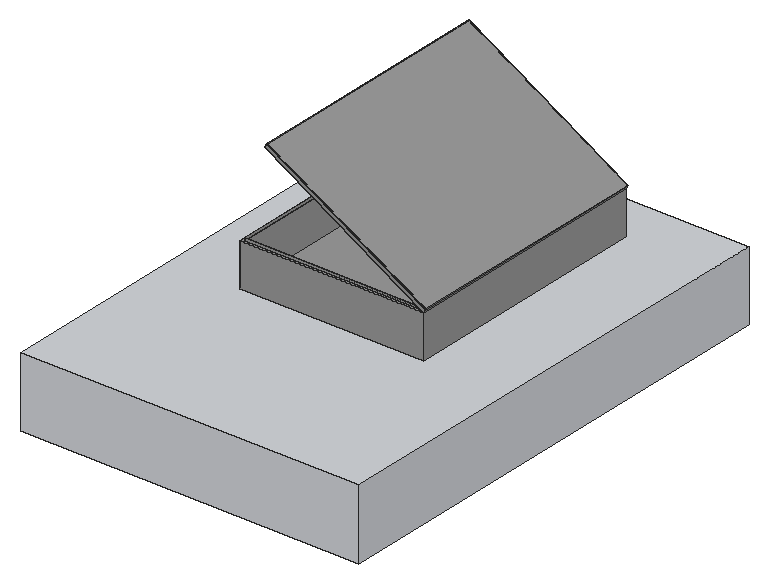
Revit family "Hager-Univers-IP54-D205-H1100-Cl.II-Encl-PL-en", category Equipement électrique, Revit 2020
Family settings
  Hôte = Face
  Configuration du panneau = Deux colonnes, circuits au sein
  Cote de connecteur circulaire = Utiliser le diamètre
  Type d'élément = Tableau de raccordement
  Couper avec des vides une fois chargée = Non
  Partagée = Non
  Point de calcul de pièce = Non
Parameters (values of type "Surface mounted (plaster) IP54 W800 H1100 D205  - FP73SW2")
  Width Control [instance] = if([EF000008 - Width] > Min Width, [EF000008 - Width], Min Width)  # 800 mm
  Commentaires du type = [HG000003 - Range]  # "Univers"
  Thickness Door [instance] = if([EF009171 - Material plate thickness door/cover] > 3 mm, 3 mm, [EF009171 - Material plate thickness door/cover])  # 1 mm
  Seal Frame Offset [instance] = 17 mm  # constant formula
  Plinth Visibility [instance] = [HG000027 - Plinth height] > 0 mm  # no
  Model = ""
  Min Width [instance] = 100 mm  # constant formula
  Min Height [instance] = 100 mm  # constant formula
  Min Depth [instance] = (2 * [EF009170 - Material plate thickness cabinet]) + 1 mm  # 3 mm
  Internal Frame Depth [instance] = (Door System Depth * 0.5)  # 9 mm
  Height Control [instance] = if([EF000040 - Height] > Min Height, [EF000040 - Height], Min Height)  # 1100 mm
  HG000027 - Plinth height = 0 mm
  HG000026 - Floor standing = no
  HG000024 - Bottom section height = 800 mm
  HG000023 - Double section enclosure = no
  HG000016 - Door 3d visibility [instance] = yes
  HG000015 - Clearance visibility [instance] = no
  HG000014 - Door on the right [instance] = yes
  HG000013 - Door on the left [instance] = not([HG000014 - Door on the right])  # no
  HG000012 - Door swing angle [instance] = 30.00°
  HG000010 - Asymmetric doors = no
  HG000009 - Double swing door = no
  HG000006 - Flush mounted = no
  HG000004 - Manufacturer reference = "FP73SW2"
  HG000003 - Range = "Univers"
  HG000002 - With door or cover = yes
  Frame Offset Bottom [instance] = 10 mm  # constant formula
  Frame Offset [instance] = 15 mm  # constant formula
  EF015940 - Cover with overpressure release = no
  EF011959 - Degree of protection (NEMA) = ""
  EF009554 - Number of openings for flange plates = 6
  EF009212 - Cover model = "EV000116 - Closed"
  EF009171 - Material plate thickness door/cover = 1 mm
  EF009170 - Material plate thickness cabinet = 1 mm
  Fabricant = "Hager"  # constant formula
  EF008873 - Nominal current (In) = 250 A
  EF007800 - Suitable for lightning protection = no
  EF006306 - With lock = no
  EF006244 - Transparent cover/door = no
  EF005474 - Degree of protection (IP) = "EV006419 - IP54"
  EF004464 - Type of door = "EV002646 - Single"
  EF004427 - Number of modules = 252
  EF004293 - Impact strength = "EV006815 - IK09"
  EF003532 - Suitable for outdoor use = no
  EF002950 - Width in number of modular spacings = 36
  EF001613 - Circuit integrity = "EV000494 - None"
  EF001596 - Material housing = "EV000179 - Steel"
  EF001131 - Internal depth = 130 mm
  EF001088 - Extension possible = yes
  EF000437 - Number of conduit inlets = 6
  EF000339 - Type of cover = "EV004216 - Door"
  EF000266 - Number of rows = 7
  EF000218 - Built-in depth = 205 mm
  EF000118 - With mounting plate = no
  EF000116 - RAL-number = "9010"
  EF000049 - Depth = 205 mm
  EF000040 - Height = 1100 mm
  EF000008 - Width = 800 mm
  EF000007 - Colour = "EV000202 - White"
  EF000003 - Mounting method = "EV000384 - Surface mounted (plaster)"
  Door System Leaf Tolerance [instance] = 1.5 mm  # constant formula
  Door System Depth [instance] = 18 mm  # constant formula
  Door Height [instance] = Height Control - [HG000027 - Plinth height]  # 1100 mm
  Depth Control [instance] = if([EF000049 - Depth] > Min Depth, [EF000049 - Depth], Min Depth)  # 205 mm
  Default Elevation = 0 mm
  Connector Offset [instance] = Height Control / 2  # 550 mm
  Bottom Top Plate Trim [instance] = 1.5 mm  # constant formula
  Plinth height Ctrl [instance] = if([HG000027 - Plinth height] > 0 mm, [HG000027 - Plinth height], 12 mm)  # 12 mm
Types (5, lengths in mm): name | Width Control | HG000010 - Asymmetric doors | HG000009 - Double swing door | HG000004 - Manufacturer reference | EF009554 - Number of openings for flange plates | EF004464 - Type of door | EF004427 - Number of modules | EF002950 - Width in number of modular spacings | EF000437 - Number of conduit inlets | EF000008 - Width
  Surface mounted (plaster) IP54 W1050 H1100 D205  - FP74SW2 | 1050 | no | yes | "FP74SW2" | 8 | "EV003602 - Double" | 336 | 48 | 8 | 1050
  Surface mounted (plaster) IP54 W1300 H1100 D205  - FP75SW2 | 1300 | yes | yes | "FP75SW2" | 10 | "EV003602 - Double" | 420 | 60 | 10 | 1300
  Surface mounted (plaster) IP54 W300 H1100 D205  - FP71SW2 | 300 | no | no | "FP71SW2" | 2 | "EV002646 - Single" | 84 | 12 | 2 | 300
  Surface mounted (plaster) IP54 W550 H1100 D205  - FP72SW2 | 550 | no | no | "FP72SW2" | 4 | "EV002646 - Single" | 168 | 24 | 4 | 550
  Surface mounted (plaster) IP54 W800 H1100 D205  - FP73SW2 | 800 | no | no | "FP73SW2" | 6 | "EV002646 - Single" | 252 | 36 | 6 | 800
Reference planes
  plane 1 "Center (Front/Back)": y = 0
  plane 2: z = 0
  plane 3 "Center (Left/Right)": x = 0
  plane 4: z = 205
  plane 5: y = 1
  plane 6: y = 550
  plane 7: y = 0
  plane 8: y = 1100
  plane 9: z = 0
  plane 10: x = -385
  plane 11: x = 385
  plane 12: x = 384
  plane 13: x = -384
  plane 14: y = 1099
  plane 15: x = -383
  plane 16: x = -400
  plane 17: x = 383
  plane 18: x = 400
  plane 19: x = 399
  plane 20: x = -399
  plane 21: y = 11
  plane 22: y = 1100
  plane 23: y = 1084
  plane 24: z = 187
  plane 25: z = 1
  plane 26: z = 186
  plane 27: z = 204
Forms (mm)
  Extrusion 1, solid
    sketch origin (0, 0, 0) x (1, 0, 0) y (0, 1, 0)
      loop
        line (-702.964, 1305) -> (-702.964, -811.445) -> (766.763, -811.445) -> (766.763, 1305) -> (-702.964, 1305)
    from 0 to -304.8
  Extrusion 2, solid, material "Hager_Steel_RAL7035_Light_Grey", visible <- "Plinth Visibility", detail levels medium+fine
    sketch origin (0, 0, 0) x (1, 0, 0) y (0, 1, 0)
      loop
        line (-400, 0) -> (400, 0) -> (400, 12) -> (-400, 12) -> (-400, 0)
    from 0 to 187
  Extrusion 3, solid, material "Hager_Steel_RAL7035_Light_Grey", detail levels medium+fine
    sketch origin (0, 0, 0) x (1, 0, 0) y (0, 1, 0)
      loop
        line (-400, 0) -> (400, 0) -> (400, 1100) -> (-400, 1100) -> (-400, 0)
    from 0 to 187
  Extrusion 4, void
    sketch origin (0, 0, 0) x (1, 0, 0) y (0, 1, 0)
      loop
        line (-399, 1) -> (399, 1) -> (399, 1099) -> (-399, 1099) -> (-399, 1)
    from 1 to 186
  Extrusion 5, void
    sketch origin (-381.607, -4572, 187) x (0, -1, 0) y (-1, 0, 0)
      loop
        line (-4583, 2.393) -> (-5656, 2.393) -> (-5656, -765.607) -> (-4583, -765.607) -> (-4583, 2.393)
    from 0 to 1 <- "EF009170 - Material plate thickness cabinet"
  Extrusion 6, solid, material "Hager_Steel_RAL7035_Light_Grey", detail levels fine
    sketch origin (0, 0, 187) x (1, 0, 0) y (0, 1, 0)
      loop
        line (-384, 1084) -> (-384, 11) -> (384, 11) -> (384, 1084) -> (-384, 1084)
      loop
        line (-385, 10) -> (385, 10) -> (385, 1085) -> (-385, 1085) -> (-385, 10)
    from 0 to 9 <- "Internal Frame Depth"
  Extrusion 7, solid, material "Hager_Steel_RAL7035_Light_Grey", detail levels coarse
    sketch origin (0, 0, 0) x (1, 0, 0) y (0, 1, 0)
      loop
        line (-400, 0) -> (400, 0) -> (400, 1100) -> (-400, 1100) -> (-400, 0)
    from 0 to 205
  Sweep 8, void
    path in 3D
      loop
        line (-400, 12, 0) -> (400, 12, 0) -> (400, 12, 187) -> (-400, 12, 187) -> (-400, 12, 0)
    profile origin (-400, 12, 93.5) x (-1, 0, 0) y (0, -1, 0)
      loop
        line (0, 0) -> (0, 1.5) -> (-1.5, 1.5)
        arc (-1.5, 1.5) -> (-1.061, 0.439) -> (0, 0) r 1.5
Cuts and joins
  Extrusion 4, Extrusion 5 cuts Extrusion 3
  Sweep 8 cuts Extrusion 2
Lines and regions (mm)
  Masking region 1
    outline origin (0, 0, 0) x (1, 0, 0) y (0, 0, 1)
      loop
        line (-400, 205) -> (-400, 0) -> (400, 0) -> (400, 205) -> (-400, 205)
  Masking region 2, detail levels medium+fine
    outline origin (0, 140, 0) x (0, 1, 0) y (0, 0, 1)
      loop
        line (-140, 0) -> (960, 0) -> (960, 187) -> (-140, 187) -> (-140, 0)
  Masking region 3, not visible, detail levels medium+fine
    outline origin (0, 297.922, 0) x (0, 1, 0) y (0, 0, 1)
      loop
        line (263.578, 0) -> (303.578, 0) -> (303.578, 194)
        arc (303.578, 194) -> (300.649, 201.071) -> (293.578, 204) r 10
        line (293.578, 204) -> (263.578, 204) -> (263.578, 0)
  Masking region 4, detail levels coarse
    outline origin (0, 0, 180) x (0, 1, 0) y (0, 0, 1)
      loop
        line (0, -180) -> (1100, -180) -> (1100, 25) -> (0, 25) -> (0, -180)
  Masking region 5, visible <- "Plinth Visibility", detail levels medium+fine
    outline origin (0, 52.24, 12.345) x (0, 0, -1) y (0, 1, 0)
      loop
        line (10.845, -40.24) -> (-173.155, -40.24)
        arc (-173.155, -40.24) -> (-173.594, -41.301) -> (-174.655, -41.74) r 1.5
        line (-174.655, -41.74) -> (-174.655, -52.24) -> (12.345, -52.24) -> (12.345, -41.74)
        arc (12.345, -41.74) -> (11.285, -41.301) -> (10.845, -40.24) r 1.5
  Masking region 6, detail levels medium+fine
    outline origin (-381.607, -4572, 187) x (-1, 0, 0) y (0, -1, 0)
      loop
        line (18.393, -5672) -> (18.393, -4572) -> (-781.607, -4572) -> (-781.607, -5672) -> (18.393, -5672)
  Masking region 7, visible <- "Plinth Visibility", detail levels medium+fine
    outline origin (-381.607, -4727, 187) x (-1, 0, 0) y (0, -1, 0)
      loop
        arc (16.893, -4739) -> (17.332, -4737.939) -> (18.393, -4737.5) r 1.5
        line (18.393, -4737.5) -> (18.393, -4727) -> (-781.607, -4727) -> (-781.607, -4737.5)
        arc (-781.607, -4737.5) -> (-780.546, -4737.939) -> (-780.107, -4739) r 1.5
        line (-780.107, -4739) -> (16.893, -4739)
  Masking region 8, detail levels coarse
    outline origin (-442.548, -4669.526, 187) x (-1, 0, 0) y (0, -1, 0)
      loop
        line (-42.548, -5769.526) -> (-42.548, -4669.526) -> (-842.548, -4669.526) -> (-842.548, -5769.526) -> (-42.548, -5769.526)
  sketch lines
    curve 1: line (-400, 12, 187) -> (-400, 12, 0)
    curve 2: line (400, 12, 187) -> (-400, 12, 187)
    curve 3: line (400, 12, 187) -> (400, 12, 0)
    curve 4: line (-400, 12, 0) -> (400, 12, 0)
Dimensions and locks
  "Depth Control": plane 4 to Extrusion 1
  "HG000027 - Plinth height": plane 1 "Center (Front/Back)" to plane 7
  "EF009170 - Material plate thickness cabinet": plane 5 to plane 7
  locked: connector elem to plane 3 "Center (Left/Right)"
  equal spacing: plane 8, plane 6, plane 7
  locked: connector elem to plane 6
  "EF009170 - Material plate thickness cabinet": plane 8 to plane 14
  "EF009170 - Material plate thickness cabinet": plane 10 to plane 13
  "EF009170 - Material plate thickness cabinet": plane 12 to plane 11
  "Frame Offset": plane 20 to plane 13
  "Frame Offset": plane 12 to plane 19
  "EF009170 - Material plate thickness cabinet": plane 16 to plane 20
  "EF009170 - Material plate thickness cabinet": plane 19 to plane 18
  "Seal Frame Offset": plane 16 to plane 15
  "Seal Frame Offset": plane 17 to plane 18
  "Frame Offset Bottom": plane 21 to plane 5
  "Frame Offset": plane 14 to plane 23
  equal spacing: plane 16, plane 3 "Center (Left/Right)", plane 18
  "Width Control": plane 16 to plane 18
  "EF009170 - Material plate thickness cabinet": plane 4 to plane 27
  "EF009170 - Material plate thickness cabinet": plane 24 to plane 26
  "EF009170 - Material plate thickness cabinet": plane 25 to level
  "Door System Depth": plane 4 to plane 24
  "Height Control": plane 1 "Center (Front/Back)" to Extrusion 7 sketch curve
  "Height Control": Masking region 4 sketch curve to plane 1 "Center (Front/Back)"
  "Height Control": plane 1 "Center (Front/Back)" to plane 22
  "Bottom Top Plate Trim": profile plane to Sweep 8 sketch curve
  "Bottom Top Plate Trim": Sweep 8 sketch curve to profile plane
  "Plinth height Ctrl": plane 1 "Center (Front/Back)" to Extrusion 2 sketch curve
  "Plinth height Ctrl": Masking region 5 sketch curve to plane 1 "Center (Front/Back)"
  "Plinth height Ctrl": plane 1 "Center (Front/Back)" to Masking region 7 sketch curve
  "Thickness Door": Extrusion 6 sketch curve to Extrusion 6 sketch curve  (x3)
  "Thickness Door": cut or joined group of Extrusion 3, Extrusion 4, Extrusion 5 to Extrusion 6 sketch curve
  radius of Masking region 3 sketch curve = 10 mm
  "Bottom Top Plate Trim": radius of Masking region 5 sketch curve  (x2)
  "Bottom Top Plate Trim": radius of Sweep 8 sketch curve
  "Bottom Top Plate Trim": radius of Masking region 7 sketch curve  (x2)
  aligned and locked: plane 2 to Extrusion 1
  aligned and locked: level to Extrusion 1
  aligned and locked: level to Masking region 1 sketch curve
  aligned and locked: Masking region 1 sketch curve to plane 18
  aligned and locked: Masking region 1 sketch curve to plane 16
  aligned and locked: plane 7 to Masking region 2 sketch curve
  aligned and locked: level to Masking region 3 sketch curve
  aligned and locked: Masking region 3 sketch curve to plane 27
  aligned and locked: level to Masking region 2 sketch curve
  aligned and locked: plane 1 "Center (Front/Back)" to Extrusion 2 sketch curve
  aligned and locked: Extrusion 3 sketch curve to plane 7
  aligned and locked: plane 16 to Extrusion 3 sketch curve
  aligned and locked: plane 18 to Extrusion 3 sketch curve
  aligned and locked: plane 20 to Extrusion 4 sketch curve
  aligned and locked: plane 19 to Extrusion 4 sketch curve
  aligned and locked: Extrusion 4 sketch curve to plane 5
  aligned and locked: Extrusion 4 to plane 25
  aligned and locked: plane 26 to Extrusion 4
  aligned and locked: plane 24 to Extrusion 3
  aligned and locked: Extrusion 5 sketch curve to plane 21
  aligned and locked: Extrusion 5 sketch curve to plane 13
  aligned and locked: Extrusion 5 sketch curve to plane 12
  aligned and locked: plane 18 to Extrusion 7 sketch curve
  aligned and locked: plane 1 "Center (Front/Back)" to Extrusion 7 sketch curve
  aligned and locked: plane 16 to Extrusion 7 sketch curve
  aligned and locked: plane 4 to Extrusion 7
  aligned and locked: Extrusion 7 to level
  aligned and locked: level to Masking region 4 sketch curve
  aligned and locked: Masking region 4 sketch curve to plane 1 "Center (Front/Back)"
  aligned and locked: Masking region 4 sketch curve to plane 4
  aligned and locked: nested 1 to level
  aligned and locked: nested 1 to plane 16
  aligned and locked: plane 8 to Extrusion 3 sketch curve
  aligned and locked: plane 23 to Extrusion 5 sketch curve
  aligned and locked: plane 14 to Extrusion 4 sketch curve
  aligned and locked: Masking region 2 sketch curve to plane 8
  aligned and locked: level to Masking region 5 sketch curve
  aligned and locked: plane 16 to Extrusion 2 sketch curve
  aligned and locked: plane 18 to Extrusion 2 sketch curve
  aligned and locked: Masking region 5 sketch curve to plane 24
  aligned and locked: Masking region 2 sketch curve to plane 24
  aligned and locked: plane 24 to Extrusion 2
  aligned and locked: profile plane to Sweep 8 sketch curve  (x2)
  aligned and locked: Masking region 6 sketch curve to plane 18
  aligned and locked: Masking region 6 sketch curve to plane 22
  aligned and locked: Masking region 6 sketch curve to plane 16
  aligned and locked: plane 8 to plane 22
  aligned and locked: Masking region 6 sketch curve to plane 7
  aligned and locked: Masking region 7 sketch curve to plane 16
  aligned and locked: Masking region 7 sketch curve to plane 1 "Center (Front/Back)"
  aligned and locked: Masking region 7 sketch curve to plane 18
  aligned and locked: Masking region 8 sketch curve to plane 1 "Center (Front/Back)"
  aligned and locked: Masking region 8 sketch curve to plane 18
  aligned and locked: Masking region 8 sketch curve to plane 22
  aligned and locked: Masking region 8 sketch curve to plane 16
  aligned and locked: nested 2 to plane 7
  aligned and locked: plane 3 "Center (Left/Right)" to nested 2
  aligned and locked: nested 2 to plane 24
  aligned and locked: Extrusion 6 sketch curve to cut or joined group of Extrusion 3, Extrusion 4, Extrusion 5  (x4)
Automatic sketch dimensions
  Extrusion 1 sketch curve to Extrusion 1 sketch curve = 1469.727 mm
  Extrusion 1 sketch curve to Extrusion 1 sketch curve = 2116.445 mm
  Masking region 1 sketch curve to plane 4 = 0 mm
  plane 6 to Masking region 3 sketch curve = 11.5 mm
  Masking region 3 sketch curve to Masking region 3 sketch curve = 30 mm
  Masking region 5 sketch curve to plane 1 "Center (Front/Back)" = 0 mm
Nested families
  nested 1: "Hager_Enclosure_Symbol" at (-400, 0, 0) x (1, 0, 0) z (0, -1, 0), Height <- "Depth Control", Width <- "Width Control", type "Hager_Enclosure_Symbol"
    with Width_Ctrl 800 mm, Width 800 mm, Height_Ctrl 205 mm, Height 205 mm, A_Width_Int 13.453 mm, A_Width 161.438 mm, A_Height_Ctrl 179.375 mm, A_Height 179.375 mm
  nested 2: "EC000058_Univers_Door" at (0, 0, 187) x (1, 0, 0) z (0, 1, 0), Leaf_Tolerance <- "Door System Leaf Tolerance", Angle <- "HG000012 - Door swing angle", Door_Depth <- "Door System Depth", Door_Left <- "HG000013 - Door on the left", Transparent <- "EF006244 - Transparent cover/door", Assymetrical <- "HG000010 - Asymmetric doors", Width <- "Width Control", Clearance <- "HG000015 - Clearance visibility", Double <- "HG000009 - Double swing door", 3d_Door <- "HG000016 - Door 3d visibility", Lock_Visibility <- "EF006306 - With lock", Width_Ctrl <- "Width Control", Door_Right <- "HG000014 - Door on the right", Door <- "HG000002 - With door or cover", Height <- "Door Height", Thickness <- "Thickness Door", type "EC000058_Univers_Door", detail levels medium+fine
    with min_wh 3 mm, Width_Ctrl 800 mm, Width 800 mm, Transparent no, Thickness 1 mm, Seal_Material Hager_Rubber, Lock_Visibility no, Lock_Material Hager_Plastic_RAL9005_Jet_Black, Leaf_Width 800 mm, Leaf_Tolerance_External_Sides 0 mm, Leaf_Tolerance 1.5 mm, Leaf_Offset 0 mm, Leaf_Height 1097 mm, Leaf_2_Width 800 mm, Leaf_2_Offset 400 mm, Leaf_1_Width 800 mm, Leaf_1_Offset 400 mm, Height_Ctrl 1100 mm, Height 1100 mm, Glass_Material Hager_Glass, Double_Clearance_Ctrl no, Double no, Door_Right_Ctrl yes, Door_Right yes, Door_Material Hager_Steel_RAL7035_Light_Grey, Door_Left_Ctrl no, Door_Left no, Door_Depth 18 mm, Door yes, Clearance_Material Hager_Clearance, Clearance_Depth 800 mm, Clearance_Ctrl no, Clearance no, Assymetrical no, Angle 30.00°, 3d_Door yes
Connectors
  electrical at (0, 550, 0)
    settings: on plane 9, index 1, voltage 0 V, apparent load 0 VA, apparent load phase1 0 VA, apparent load phase2 0 VA, apparent load phase3 0 VA, power factor 1, load classification "Other", number of poles 1, system type 30, power factor state 1, is connector primary yes, connector utility no, sub classification motor no, connector description ""
Definition of nested family "EC000058_Univers_Door"
  Parameters (values of type "EC000058_Univers_Door")
    min_wh [instance] = (2 * Thickness) + 1 mm  # 11 mm
    Width_Ctrl [instance] = 400 mm
    Width [instance] = 500 mm
    Transparent [instance] = yes
    Thickness [instance] = 5 mm
    Seal_Material [instance] = none
    Lock_Visibility [instance] = yes
    Lock_Material [instance] = none
    Leaf_Width [instance] = if((Width_Ctrl - 2 * Leaf_Tolerance_External_Sides) > 0 mm, (Width_Ctrl - 2 * Leaf_Tolerance_External_Sides), min_wh)  # 400 mm
    Leaf_Tolerance_External_Sides [instance] = 0 mm  # constant formula
    Leaf_Tolerance [instance] = 1.5 mm
    Leaf_Offset [instance] = 0 mm  # constant formula
    Leaf_Height [instance] = if((Height_Ctrl - 2 * Leaf_Tolerance) > 0 mm, (Height_Ctrl - 2 * Leaf_Tolerance), min_wh)  # 497 mm
    Leaf_2_Width [instance] = if(and(and(Double, Assymetrical), Door_Left), (Leaf_Width / 3) - (Leaf_Tolerance / 2), if(and(and(Double, Assymetrical), Door_Right), (Leaf_Width / 3) * 2 - (Leaf_Tolerance / 2), if(and(Double, not(Assymetrical)), (Leaf_Width / 2) - Leaf_Tolerance, Leaf_Width)))  # 400 mm
    Leaf_2_Offset [instance] = if(and(Double, Assymetrical), Leaf_2_Width / 2, if(and(Double, not(Assymetrical)), Leaf_Width / 4, Leaf_Width / 2))  # 200 mm
    Leaf_1_Width [instance] = if(and(and(Double, Assymetrical), Door_Right), (Leaf_Width / 3) - (Leaf_Tolerance / 2), if(and(and(Double, Assymetrical), Door_Left), (Width / 3) * 2 - (Leaf_Tolerance / 2), if(and(Double, not(Assymetrical)), (Leaf_Width / 2) - Leaf_Tolerance, Leaf_Width)))  # 400 mm
    Leaf_1_Offset [instance] = if(and(Double, Assymetrical), Leaf_1_Width / 2, if(and(Double, not(Assymetrical)), Leaf_Width / 4, Leaf_Width / 2))  # 200 mm
    Height_Ctrl [instance] = if(Height > min_wh, Height, min_wh)  # 500 mm
    Height [instance] = 500 mm
    Glass_Material [instance] = none
    Double_Clearance_Ctrl [instance] = and(Double, Clearance)  # no
    Double [instance] = no
    Door_Right_Ctrl [instance] = and(or(Door_Right, Double), Door)  # yes
    Door_Right [instance] = yes
    Door_Material [instance] = none
    Door_Left_Ctrl [instance] = and(or(Door_Left, Double), Door)  # no
    Door_Left [instance] = no
    Door_Depth [instance] = 30 mm
    Door [instance] = yes
    Default Elevation = 1219.2 mm
    Clearance_Material [instance] = none
    Clearance_Depth [instance] = if(Leaf_1_Width > Leaf_2_Width, Leaf_1_Width, Leaf_2_Width)  # 400 mm
    Clearance_Ctrl [instance] = and(not(Double), Clearance)  # yes
    Clearance [instance] = yes
    Assymetrical [instance] = yes
    Angle [instance] = 30.00°
    3d_Door [instance] = yes
  Reference planes
    plane 1 "Center (Front/Back)": y = 0
    plane 2 "Bottom": z = 0
    plane 3 "Center (Left/Right)": x = 0
    plane 4: z = 500
    plane 5: x = -200
    plane 6: x = 200
    plane 7: z = 500
    plane 8: x = -200
    plane 9: z = 0
    plane 10: x = 200
    plane 11: y = 0
    plane 12: z = 1.5
    plane 13: x = -600
    plane 14: y = -400
    plane 15: x = 600
    plane 16: x = 0
    plane 17: x = 0
    plane 18: x = -200
    plane 19: x = 200
    plane 20: z = 498.5
  Forms (mm)
    Extrusion 1, solid, material <- "Clearance_Material", visible <- "Double_Clearance_Ctrl"
      sketch origin (1200, 0, 0) x (1, 0, 0) y (0, 0, -1)
        loop
          line (-1800, -498.5) -> (-600, -498.5) -> (-600, 0) -> (-1800, 0) -> (-1800, -498.5)
      from 0 to -400
  Dimensions and locks
    equal spacing: plane 5, plane 3 "Center (Left/Right)", plane 6
    "Width_Ctrl": plane 5 to plane 6
    "Leaf_Offset": plane 5 to plane 8
    "Leaf_Offset": plane 6 to plane 10
    "Leaf_Offset": plane 9 to level
    "Leaf_Offset": plane 4 to plane 7
    "Height_Ctrl": plane 4 to level
    "Leaf_Tolerance": plane 12 to plane 9
    locked: plane 11 to plane 1 "Center (Front/Back)"
    "Leaf_1_Offset": plane 18 to plane 16
    "Leaf_2_Offset": plane 17 to plane 19
    "Leaf_1_Width": plane 13 to plane 8
    "Leaf_2_Width": plane 10 to plane 15
    "Clearance_Depth": plane 14 to plane 1 "Center (Front/Back)"
    "Leaf_Tolerance_External_Sides": plane 8 to plane 18
    "Leaf_Tolerance_External_Sides": plane 19 to plane 10
    "Leaf_Tolerance": plane 7 to plane 20
    aligned and locked: level to plane 2 "Bottom"
    aligned and locked: nested 1 to plane 16
    aligned and locked: nested 2 to plane 17
    aligned and locked: Extrusion 1 to plane 13
    aligned and locked: plane 15 to Extrusion 1
    aligned and locked: Extrusion 1 to plane 14
    aligned and locked: plane 12 to nested 1
    aligned and locked: nested 2 to plane 12
    aligned and locked: Extrusion 1 to plane 11
    aligned and locked: plane 20 to Extrusion 1
    aligned and locked: nested 2 to plane 11
    aligned and locked: nested 1 to plane 11
  Automatic sketch dimensions
    Extrusion 1 sketch curve to level = 0 mm
    plane 5 to Extrusion 1 sketch curve = 400 mm
    plane 6 to Extrusion 1 sketch curve = 400 mm
    Extrusion 1 sketch curve to plane 4 = 1.5 mm
  Nested families
    nested 1: "EC000058_Univers_Door_Leaf" at (0, 0, 1.5), Width <- "Leaf_1_Width", visible <- "Door_Left_Ctrl", Leaf_Height <- "Leaf_Height", Angle <- "Angle", 3d_Door <- "3d_Door", Transparent <- "Transparent", Clearance Material <- "Clearance_Material", Clearance <- "Clearance_Ctrl", Door_Material <- "Door_Material", Glass_Material <- "Glass_Material", Door_Depth <- "Door_Depth", Lock_Material <- "Lock_Material", Seal_Material <- "Seal_Material", Lock_Visibility <- "Lock_Visibility", Thickness <- "Thickness", type "EC000058_Univers_Door_Leaf"
      with Width 400 mm, Transparent_Glass_Offset 30 mm, Transparent_Ctrl yes, Transparent yes, Thickness 5 mm, Standard no, Seal_Material none, Seal_D2 8 mm, Seal_D1 1 mm, Offset_Internal_Frame 10 mm, Lock_Width 20 mm, Lock_Visibility_3d yes, Lock_Visibility yes, Lock_Thickness_3 3 mm, Lock_Thickness_2 1 mm, Lock_Thickness_1 3 mm, Lock_Radius_Offset_2 16 mm, Lock_Radius_Offset_1 15 mm, Lock_Radius_2 5 mm, Lock_Radius 6 mm, Lock_Offset 5 mm, Lock_Material none, Lock_Height 80 mm, Lock_Cover_Top_Offset_2d 17 mm, Lock_Cover_Height -65 mm, Leaf_Height 497 mm, Internal_Seal_Thickness 8 mm, Internal_Seal_Depth_2 4.5 mm, Internal_Frame_Depth 25 mm, Glass_Thickness -1 mm, Glass_Offset -2 mm, Glass_Material none, Door_Material none, Door_Depth 30 mm, Clearance Material none, Clearance yes, Angle_Ctrl 30.00°, Angle 30.00°, 3d_Door yes
    nested 2: "EC000058_Univers_Door_Leaf" at (0, 0, 1.5) x (-1, 0, 0) z (0, 0, 1), Width <- "Leaf_2_Width", visible <- "Door_Right_Ctrl", Leaf_Height <- "Leaf_Height", Angle <- "Angle", 3d_Door <- "3d_Door", Transparent <- "Transparent", Clearance Material <- "Clearance_Material", Clearance <- "Clearance_Ctrl", Door_Material <- "Door_Material", Glass_Material <- "Glass_Material", Door_Depth <- "Door_Depth", Lock_Material <- "Lock_Material", Seal_Material <- "Seal_Material", Lock_Visibility <- "Lock_Visibility", Thickness <- "Thickness", type "EC000058_Univers_Door_Leaf"
      with Width 400 mm, Transparent_Glass_Offset 30 mm, Transparent_Ctrl yes, Transparent yes, Thickness 5 mm, Standard no, Seal_Material none, Seal_D2 8 mm, Seal_D1 1 mm, Offset_Internal_Frame 10 mm, Lock_Width 20 mm, Lock_Visibility_3d yes, Lock_Visibility yes, Lock_Thickness_3 3 mm, Lock_Thickness_2 1 mm, Lock_Thickness_1 3 mm, Lock_Radius_Offset_2 16 mm, Lock_Radius_Offset_1 15 mm, Lock_Radius_2 5 mm, Lock_Radius 6 mm, Lock_Offset 5 mm, Lock_Material none, Lock_Height 80 mm, Lock_Cover_Top_Offset_2d 17 mm, Lock_Cover_Height -65 mm, Leaf_Height 497 mm, Internal_Seal_Thickness 8 mm, Internal_Seal_Depth_2 4.5 mm, Internal_Frame_Depth 25 mm, Glass_Thickness -1 mm, Glass_Offset -2 mm, Glass_Material none, Door_Material none, Door_Depth 30 mm, Clearance Material none, Clearance yes, Angle_Ctrl 30.00°, Angle 30.00°, 3d_Door yes
  Definition of nested family "EC000058_Univers_Door_Leaf"
    Parameters (values of type "EC000058_Univers_Door_Leaf")
      Width [instance] = 2000 mm
      Transparent_Glass_Offset [instance] = 30 mm
      Transparent_Ctrl [instance] = and(Transparent, [3d_Door])  # yes
      Transparent [instance] = yes
      Thickness [instance] = 5 mm
      Standard [instance] = and(not(Transparent), [3d_Door])  # no
      Seal_Material [instance] = none
      Seal_D2 [instance] = 8 mm  # constant formula
      Seal_D1 [instance] = 1 mm  # constant formula
      Offset_Internal_Frame [instance] = 10 mm  # constant formula
      Lock_Width [instance] = 20 mm  # constant formula
      Lock_Visibility_3d [instance] = and(Lock_Visibility, [3d_Door])  # yes
      Lock_Visibility [instance] = yes
      Lock_Thickness_3 [instance] = 3 mm  # constant formula
      Lock_Thickness_2 [instance] = 1 mm  # constant formula
      Lock_Thickness_1 [instance] = 3 mm  # constant formula
      Lock_Radius_Offset_2 [instance] = Lock_Radius_Offset_1 + 1 mm  # 16 mm
      Lock_Radius_Offset_1 [instance] = 15 mm  # constant formula
      Lock_Radius_2 [instance] = Lock_Radius - 1 mm  # 5 mm
      Lock_Radius [instance] = 6 mm  # constant formula
      Lock_Offset [instance] = 5 mm  # constant formula
      Lock_Material [instance] = none
      Lock_Height [instance] = 80 mm  # constant formula
      Lock_Cover_Top_Offset_2d [instance] = Lock_Radius_Offset_2 + 1 mm  # 17 mm
      Lock_Cover_Height [instance] = -(Lock_Height - Lock_Radius_Offset_1)  # -65 mm
      Leaf_Height [instance] = 2720.336 mm
      Internal_Seal_Thickness [instance] = 8 mm  # constant formula
      Internal_Seal_Depth_2 [instance] = 4.5 mm  # constant formula
      Internal_Frame_Depth [instance] = if(Door_Depth - Thickness > 5 mm, Door_Depth - Thickness, 5 mm)  # 25 mm
      Glass_Thickness [instance] = if(Thickness > 15 mm, Glass_Offset + 10 mm, -1 mm)  # -1 mm
      Glass_Offset [instance] = if(Thickness > 15 mm, -(Thickness + 10 mm) / 2, -2 mm)  # -2 mm
      Glass_Material [instance] = none
      Door_Material [instance] = none
      Door_Depth [instance] = 30 mm
      Default Elevation = 0 mm
      Clearance Material [instance] = none
      Clearance [instance] = yes
      Angle_Ctrl [instance] = if(Angle > 180.00°, 180.00°, Angle)  # 90.00°
      Angle [instance] = 90.00°
      3d_Door [instance] = yes
    Reference planes
      plane 1 "Center (Front/Back)": y = 0
      plane 2: z = 0
      plane 3 "Center (Left/Right)": x = 0
      plane 4: y = 2000
      plane 5: x = -1000
      plane 6: x = 1000
      plane 7: x = -3000
      plane 8: z = 2720.336
      plane 9: z = 30
      plane 10: z = 2690.336
      plane 11: x = 970
      plane 12: x = -970
      plane 13: y = -3
      plane 14: z = 107.833
      plane 15: y = -5
      plane 16: y = -223.314
      plane 17: x = -1000
      plane 18: z = 1360.168
      plane 19: y = 30
    Forms (mm)
      Extrusion 1, solid, material <- "Clearance Material", visible <- "Clearance"
        sketch origin (0, 0, 0) x (1, 0, 0) y (0, 0, 1)
          loop
            line (-3000, 2720.336) -> (-3000, 0) -> (1000, 0) -> (1000, 2720.336) -> (-3000, 2720.336)
        from 0 to -2000
      Extrusion 2, solid, material <- "Door_Material", visible <- "Standard", detail levels medium+fine
        sketch origin (-1000, 0, 0) x (0, 1, 0) y (-1, 0, 0)
          loop
            line (0, 30) -> (0, 25) -> (2000, 25) -> (2000, 30) -> (0, 30)
        from 0 to 2720.336 <- "Leaf_Height"
      Extrusion 3, solid, material <- "Door_Material", visible <- "Transparent_Ctrl", detail levels medium+fine
        sketch origin (-1000, 0, 0) x (0, 1, 0) y (-1, 0, 0)
          loop
            line (0, 25) -> (2000, 25) -> (2000, 30) -> (0, 30) -> (0, 25)
        from 0 to 2720.336 <- "Leaf_Height"
      Extrusion 4, void
        sketch origin (-1025, 2000, 0) x (0, 1, 0) y (0, 0, -1)
          loop
            line (-30, -2690.336) -> (-30, -30) -> (-1970, -30) -> (-1970, -2690.336) -> (-30, -2690.336)
        from 0 to 5 <- "Thickness"
      Sweep 5, solid, material <- "Seal_Material", visible <- "Transparent_Ctrl", detail levels fine
        path in 3D
          loop
            line (-1025, 30, 30) -> (-1025, 30, 2690.336) -> (-1025, 1970, 2690.336) -> (-1025, 1970, 30) -> (-1025, 30, 30)
        profile origin (-1025, 1000, 30) x (1, 0, 0) y (0, 0, 1)
          loop
            line (0, 0) -> (0, -8) -> (1, -8) -> (1, 0) -> (0, 0)
      Extrusion 6, solid, material <- "Glass_Material", visible <- "Transparent_Ctrl", detail levels medium+fine
        sketch origin (-1030, 0, 0) x (0, 1, 0) y (0, 0, -1)
          loop
            line (1970, -2690.336) -> (1970, -30) -> (30, -30) -> (30, -2690.336) -> (1970, -2690.336)
        from -2 <- "Glass_Offset" to -1 <- "Glass_Thickness"
      Extrusion 7, solid, material <- "Door_Material", visible <- "3d_Door", detail levels medium+fine
        sketch origin (-1025, 2000, 0) x (0, -1, 0) y (0, 0, -1)
          loop
            line (0, -2720.336) -> (2000, -2720.336) -> (2000, 0) -> (0, 0) -> (0, -2720.336)
          loop
            line (1995, -5) -> (5, -5) -> (5, -2715.336) -> (1995, -2715.336) -> (1995, -5)
        from 0 to 25 <- "Internal_Frame_Depth"
      Sweep 8, solid, material <- "Seal_Material", visible <- "Transparent_Ctrl", detail levels fine
        path in 3D
          loop
            line (-1025, 0, 0) -> (-1025, 2000, 0) -> (-1025, 2000, 2720.336) -> (-1025, 0, 2720.336) -> (-1025, 0, 0)
        profile origin (-1025, 0, 1360.168) x (1, 0, 0) y (0, 1, 0)
          loop
            line (0, 10) -> (2.975, 10)
            arc (2.975, 10) -> (4.053, 10.447) -> (4.5, 11.525) r 1.525
            line (4.5, 11.525) -> (4.5, 16.527)
            arc (4.5, 16.527) -> (4.069, 17.569) -> (3.027, 18) r 1.473
            line (3.027, 18) -> (0, 18) -> (0, 10)
      Extrusion 9, solid, material <- "Lock_Material", visible <- "Lock_Visibility_3d", detail levels fine
        sketch origin (-1030, 0, 0) x (0, 1, 0) y (0, 0, -1)
          loop
            arc (1993.5, -1400.168) -> (1994.561, -1399.729) -> (1995, -1398.668) r 1.5
            line (1995, -1398.668) -> (1995, -1320.168) -> (1975, -1320.168) -> (1975, -1398.668)
            arc (1975, -1398.668) -> (1975.439, -1399.729) -> (1976.5, -1400.168) r 1.5
            line (1976.5, -1400.168) -> (1993.5, -1400.168)
        from 3 <- "Lock_Thickness_1" to 0
      Blend 10, solid, material <- "Lock_Material", visible <- "Lock_Visibility_3d", detail levels fine
        base sketch origin (-1033, 0, 0) x (0, 1, 0) y (0, 0, -1)
          loop
            line (1975, -1320.168) -> (1975, -1398.668)
            arc (1975, -1398.668) -> (1975.439, -1399.729) -> (1976.5, -1400.168) r 1.5
            line (1976.5, -1400.168) -> (1993.5, -1400.168)
            arc (1993.5, -1400.168) -> (1994.561, -1399.729) -> (1995, -1398.668) r 1.5
            line (1995, -1398.668) -> (1995, -1320.168) -> (1975, -1320.168)
        top sketch origin (-1033, 0, 0) x (0, 1, 0) y (0, 0, -1)
          loop
            line (1976, -1320.168) -> (1976, -1398.668)
            arc (1976, -1398.668) -> (1976.146, -1399.022) -> (1976.5, -1399.168) r 0.5
            line (1976.5, -1399.168) -> (1993.5, -1399.168)
            arc (1993.5, -1399.168) -> (1993.854, -1399.022) -> (1994, -1398.668) r 0.5
            line (1994, -1398.668) -> (1994, -1320.168) -> (1976, -1320.168)
        from 0 to 1 <- "Lock_Thickness_2"
      Blend 11, solid, material <- "Lock_Material", visible <- "Lock_Visibility_3d", detail levels fine
        base sketch origin (-1034, 0, 0) x (0, 1, 0) y (0, 0, -1)
          loop
            line (1978, -1320.168) -> (1978, -1384.168)
            arc (1978, -1384.168) -> (1985, -1391.168) -> (1992, -1384.168) r 7
            line (1992, -1384.168) -> (1992, -1320.168) -> (1978, -1320.168)
        top sketch origin (-1034, 0, 0) x (0, 1, 0) y (0, 0, -1)
          loop
            line (1991, -1320.168) -> (1979, -1320.168) -> (1979, -1383.168)
            arc (1979, -1383.168) -> (1985, -1389.168) -> (1991, -1383.168) r 6
            line (1991, -1383.168) -> (1991, -1320.168)
        from 0 to 3 <- "Lock_Thickness_3"
      Extrusion 12, solid, material <- "Lock_Material", visible <- "Lock_Visibility_3d", detail levels fine
        sketch origin (-1030, 1975, 1320.168) x (1, 0, 0) y (0, -1, 0)
          loop
            line (-7, -19) -> (-7, -1) -> (0, -1) -> (0, 0) -> (-8, 0) -> (-8, -20) -> (0, -20) -> (0, -19) -> (-7, -19)
        from 0 to -65 <- "Lock_Cover_Height"
      Extrusion 13, void
        sketch origin (-1038, 1995, 1320.168) x (-1, 0, 0) y (0, 0, -1)
          loop
            line (-5, -65) -> (0, -65) -> (-5, -60) -> (-5, -65)
        from 0 to 20 <- "Lock_Width"
      Extrusion 14, void
        sketch origin (-1038, 1975, 1320.168) x (0, -1, 0) y (0, 0, -1)
          loop
            circle (-10, -15.995) r 6
          loop
            circle (-10, -15.995) r 5
        from 0 to 2
      Extrusion 15, solid, material <- "Lock_Material", visible <- "Lock_Visibility_3d", detail levels medium
        sketch origin (-1030, 0, 0) x (0, 1, 0) y (0, 0, -1)
          loop
            arc (1993.5, -1400.168) -> (1994.561, -1399.729) -> (1995, -1398.668) r 1.5
            line (1995, -1398.668) -> (1995, -1320.168) -> (1975, -1320.168) -> (1975, -1398.668)
            arc (1975, -1398.668) -> (1975.439, -1399.729) -> (1976.5, -1400.168) r 1.5
            line (1976.5, -1400.168) -> (1993.5, -1400.168)
        from 8 to 0
    Cuts and joins
      Extrusion 4 cuts Extrusion 3
      Extrusion 13, Extrusion 14 cuts Extrusion 9
      Extrusion 14 cuts Blend 11
      Extrusion 13, Extrusion 14 cuts Extrusion 12
      joined: Extrusion 9, Blend 10, Blend 11, Extrusion 12
      Extrusion 14 cuts Extrusion 15
    Lines and regions (mm)
      Masking region 1, visible <- "Lock_Visibility", detail levels fine
        outline origin (0, 0, 0) x (0, 1, 0) y (0, 0, 1)
          loop
            line (30, 1320.168) -> (33, 1320.168) -> (33, 1400.168) -> (30, 1400.168) -> (30, 1320.168)
      Masking region 2, visible <- "Lock_Visibility", detail levels fine
        outline origin (0, 3.143, 0) x (0, 1, 0) y (0, 0, 1)
          loop
            line (29.857, 1354.168) -> (30.857, 1354.168) -> (30.857, 1366.168) -> (29.857, 1366.168) -> (29.857, 1354.168)
      Masking region 3, detail levels medium+fine
        outline origin (0, 0, 0) x (0, 1, 0) y (0, 0, 1)
          loop
            line (0, 0) -> (30, 0) -> (30, 2720.336) -> (0, 2720.336) -> (0, 0)
      Masking region 4, detail levels medium+fine
        outline origin (0, 0, 0) x (1, 0, 0) y (0, 0, 1)
          loop
            line (-1000, 2720.336) -> (-1000, 0) -> (1000, 0) -> (1000, 2720.336) -> (-1000, 2720.336)
      Masking region 5, visible <- "Lock_Visibility", detail levels fine
        outline origin (-47.116, 0, 0) x (1, 0, 0) y (0, 0, 1)
          loop
            arc (1024.616, 1399.168) -> (1023.556, 1398.729) -> (1023.116, 1397.668) r 1.5
            line (1023.116, 1397.668) -> (1023.116, 1320.168) -> (1041.116, 1320.168) -> (1041.116, 1397.668)
            arc (1041.116, 1397.668) -> (1040.677, 1398.729) -> (1039.616, 1399.168) r 1.5
            line (1039.616, 1399.168) -> (1024.616, 1399.168)
      Masking region 6, visible <- "Lock_Visibility", detail levels medium+fine
        outline origin (-25, 0, 0) x (1, 0, 0) y (0, 0, 1)
          loop
            arc (1001.5, 1400.168) -> (1000.439, 1399.729) -> (1000, 1398.668) r 1.5
            line (1000, 1398.668) -> (1000, 1320.168) -> (1020, 1320.168) -> (1020, 1398.668)
            arc (1020, 1398.668) -> (1019.561, 1399.729) -> (1018.5, 1400.168) r 1.5
            line (1018.5, 1400.168) -> (1001.5, 1400.168)
      Masking region 7, visible <- "Lock_Visibility", detail levels fine
        outline origin (-73.735, 0, 0) x (1, 0, 0) y (0, 0, 1)
          loop
            line (1051.735, 1382.168) -> (1065.735, 1382.168) -> (1065.735, 1384.168)
            arc (1065.735, 1384.168) -> (1058.735, 1391.168) -> (1051.735, 1384.168) r 7
            line (1051.735, 1384.168) -> (1051.735, 1382.168)
      Masking region 8, visible <- "Lock_Visibility", detail levels fine
        outline origin (-73.735, 0, 0) x (1, 0, 0) y (0, 0, 1)
          loop
            line (1052.735, 1382.168) -> (1064.735, 1382.168) -> (1064.735, 1383.168)
            arc (1064.735, 1383.168) -> (1058.735, 1389.168) -> (1052.735, 1383.168) r 6
            line (1052.735, 1383.168) -> (1052.735, 1382.168)
      Masking region 9, visible <- "Lock_Visibility", detail levels fine
        outline origin (-25, 0, 0) x (1, 0, 0) y (0, 0, 1)
          loop
            line (1020, 1320.168) -> (1020, 1382.168) -> (1000, 1382.168) -> (1000, 1320.168) -> (1020, 1320.168)
      Masking region 10, detail levels medium+fine
        outline origin (0, 0, 0) x (1, 0, 0) y (0, 0, 1)
          loop
            circle (985, 1335.144) r 6
      Masking region 11, detail levels fine
        outline origin (0, 0, 0) x (1, 0, 0) y (0, 0, 1)
          loop
            circle (985, 1335.144) r 5
      Masking region 12, visible <- "Lock_Visibility", detail levels fine
        outline origin (0, 12.767, 0) x (0, 1, 0) y (0, 0, 1)
          loop
            line (20.233, 1320.168) -> (21.233, 1320.168) -> (21.233, 1399.168) -> (20.233, 1400.168) -> (20.233, 1320.168)
      Masking region 13, visible <- "Lock_Visibility", detail levels fine
        outline origin (0, 13.767, -10) x (0, 1, 0) y (0, 0, 1)
          loop
            line (20.233, 1330.168) -> (23.233, 1330.168) -> (23.233, 1399.168) -> (20.233, 1402.168) -> (20.233, 1330.168)
      Masking region 14, visible <- "Lock_Visibility", detail levels fine
        outline origin (0, 12.767, -10) x (0, 1, 0) y (0, 0, 1)
          loop
            line (20.233, 1330.168) -> (25.233, 1330.168) -> (25.233, 1399.305) -> (20.233, 1394.305) -> (20.233, 1330.168)
      Masking region 15, visible <- "Lock_Visibility", detail levels medium
        outline origin (0, 0, 0) x (0, 1, 0) y (0, 0, 1)
          loop
            line (30, 1320.168) -> (38, 1320.168) -> (38, 1400.168) -> (30, 1400.168) -> (30, 1320.168)
      Masking region 16, visible <- "Lock_Visibility", detail levels fine
        outline origin (-1000, 0, 0) x (0, 1, 0) y (-1, 0, 0)
          loop
            line (1975, 30) -> (1995, 30) -> (1995, 38) -> (1975, 38) -> (1975, 30)
          loop
            line (1979, 37) -> (1976, 37) -> (1976, 34) -> (1978, 34) -> (1979, 37)
          loop
            line (1994, 37) -> (1991, 37) -> (1992, 34) -> (1994, 34) -> (1994, 37)
      Masking region 17, visible <- "Lock_Visibility", detail levels medium
        outline origin (-1000, 0, 0) x (0, 1, 0) y (-1, 0, 0)
          loop
            line (1975, 30) -> (1995, 30) -> (1995, 38) -> (1975, 38) -> (1975, 30)
      symbolic lines
        curve 1: line (1000, 0, 0) -> (-3000, 0, 0)
        curve 2: arc (1000, 0, 0) -> (-1000, 2000, 0) -> (-3000, 0, 0) r 2000
        curve 4: line (-1030, 0, 0) -> (-1030, 2000, 0)
      reference lines
        curve 3: line (-1000, 0, 0) -> (-1000, 2000, 0)
      symbolic lines, detail levels medium+fine
        curve 5: line (-1030, 2000, 0) -> (-1025, 2000, 0)
        curve 7: line (-1025, 0, 0) -> (-1030, 0, 0)
        curve 8: line (-1025, 0, 0) -> (-1000, 0, 0)
        curve 9: line (-1000, 0, 0) -> (-1000, 2000, 0)
        curve 10: line (-1000, 2000, 0) -> (-1025, 2000, 0)
      symbolic lines, detail levels fine
        curve 6: line (-1025, 2000, 0) -> (-1025, 0, 0)
      sketch lines
        curve 11: line (-1025, 0, 2720.336) -> (-1025, 0, 0)
        curve 12: line (-1025, 2000, 0) -> (-1025, 0, 0)
        curve 13: line (-1025, 2000, 2720.336) -> (-1025, 2000, 0)
        curve 14: line (-1025, 0, 2720.336) -> (-1025, 2000, 2720.336)
        curve 15: line (-1025, 1970, 30) -> (-1025, 30, 30)
        curve 16: line (-1025, 30, 30) -> (-1025, 30, 2690.336)
        curve 17: line (-1025, 1970, 2690.336) -> (-1025, 1970, 30)
        curve 18: line (-1025, 30, 2690.336) -> (-1025, 1970, 2690.336)
      symbolic lines, visible <- "Transparent", detail levels medium+fine
        curve 19: line (-970, 0, 2690.336) -> (970, 0, 2690.336)
        curve 20: line (-970, 0, 30) -> (-970, 0, 2690.336)
        curve 21: line (970, 0, 30) -> (-970, 0, 30)
        curve 22: line (970, 0, 2690.336) -> (970, 0, 30)
    Dimensions and locks
      "Width": plane 1 "Center (Front/Back)" to plane 4
      equal spacing: plane 5, plane 3 "Center (Left/Right)", plane 6
      "Width": plane 5 to plane 6
      "Width": plane 7 to plane 5
      "Leaf_Height": plane 8 to level
      "Width": curve 5 to curve 3
      "Width": curve 3 to curve 3
      plane 8 to plane 10 = 30 mm
      plane 9 to level = 30 mm
      plane 12 to plane 5 = 30 mm
      plane 6 to plane 11 = 30 mm
      Extrusion 1 to Extrusion 4 sketch curve = 30 mm
      "Transparent_Glass_Offset": curve 3 to Extrusion 4 sketch curve
      "Transparent_Glass_Offset": Extrusion 4 sketch curve to cut or joined group of Extrusion 3, Extrusion 4  (x2)
      cut or joined group of Extrusion 3, Extrusion 4 to Extrusion 6 sketch curve = 30 mm
      "Transparent_Glass_Offset": cut or joined group of Extrusion 3, Extrusion 4 to Extrusion 4 sketch curve
      "Thickness": curve 6 to curve 4
      "Thickness": Extrusion 7 sketch curve to Extrusion 7 sketch curve  (x4)
      "Door_Depth": curve 4 to curve 3
      "Offset_Internal_Frame": profile plane to Sweep 8 sketch curve
      "Internal_Seal_Thickness": Sweep 8 sketch curve to Sweep 8 sketch curve
      "Internal_Seal_Depth_2": profile plane to Sweep 8 sketch curve
      "Seal_D1": profile plane to Sweep 5 sketch curve
      "Seal_D2": profile plane to Sweep 5 sketch curve
      "Thickness": Extrusion 2 sketch curve to Extrusion 2 sketch curve
      equal spacing: Extrusion 9 sketch curve, plane 18, Extrusion 9 sketch curve  (x2)
      equal spacing: Masking region 1 sketch curve, plane 18, Masking region 1 sketch curve
      "Lock_Height": Masking region 1 sketch curve to Masking region 1 sketch curve
      "Lock_Radius": Masking region 2 sketch curve to plane 18 to Masking region 2 sketch curve
      Masking region 2 sketch curve to Masking region 1 = 1 mm
      "Door_Depth": plane 19 to plane 1 "Center (Front/Back)"
      "Lock_Thickness_1": Masking region 1 sketch curve to plane 19
      "Lock_Width": Extrusion 9 sketch curve to Extrusion 9 sketch curve
      "Lock_Height": Extrusion 9 sketch curve to Extrusion 9 sketch curve
      "Lock_Offset": cut or joined group of Extrusion 3, Extrusion 4 to Extrusion 9 sketch curve
      equal spacing: plane 8, plane 18, level
      "Lock_Radius_Offset_1": Blend 11 sketch curve to Blend 10
      locked: Blend 10 to Blend 11 sketch curve at 2  (x2)
      locked: var sketch to Blend 11 sketch curve at 1  (x2)
      "Lock_Radius_Offset_2": Blend 11 sketch curve to Blend 10
      locked: Extrusion 12 sketch curve to Extrusion 12 sketch curve at 1  (x3)
      Masking region 6 sketch curve to Masking region 6 sketch curve = 80 mm
      "Lock_Height": Masking region 6 sketch curve to Masking region 6 sketch curve
      "Lock_Width": Masking region 6 sketch curve to Masking region 6 sketch curve
      locked: Masking region 6 to Masking region 5 sketch curve at 1  (x3)
      locked: Masking region 5 to Masking region 7 sketch curve at 2  (x2)
      "Lock_Radius_Offset_1": Masking region 5 to Masking region 7 sketch curve
      "Lock_Radius_Offset_2": Masking region 5 to Masking region 8 sketch curve
      locked: Masking region 7 to Masking region 8 sketch curve at 1  (x2)
      "Lock_Cover_Top_Offset_2d": Masking region 5 to Masking region 9 sketch curve
      equal spacing: Masking region 9, Masking region 10 sketch curve, Masking region 9
      equal spacing: Masking region 9, Masking region 11 sketch curve, Masking region 9
      Extrusion 15 sketch curve to Extrusion 15 sketch curve = 80 mm
      "Lock_Width": Extrusion 15 sketch curve to Extrusion 15 sketch curve
      "Lock_Height": Extrusion 15 sketch curve to Extrusion 15 sketch curve
      equal spacing: Extrusion 15 sketch curve, plane 18, Extrusion 15 sketch curve
      "Lock_Thickness_3": Masking region 13 sketch curve to Masking region 13 sketch curve
      "Lock_Height": Masking region 12 sketch curve to Masking region 12 sketch curve
      locked: Masking region 13 sketch curve to Masking region 1 at 8
      locked: Masking region 14 sketch curve to Masking region 13 at 1
      locked: Masking region 14 sketch curve to Masking region 1 at 10.863
      "Lock_Height": Masking region 15 sketch curve to Masking region 15 sketch curve
      "Lock_Offset": Extrusion 15 sketch curve to cut or joined group of Extrusion 3, Extrusion 4
      "Lock_Offset": plane 6 to Masking region 6 sketch curve
      radius of Sweep 8 sketch curve = 1.525 mm
      radius of Sweep 8 sketch curve = 1.473 mm
      radius of Extrusion 9 sketch curve = 1.5 mm  (x2)
      "Lock_Radius": radius of Extrusion 14 sketch curve
      "Lock_Radius_2": radius of Extrusion 14 sketch curve
      "Lock_Radius": radius of Masking region 10 sketch curve
      "Lock_Radius_2": radius of Masking region 11 sketch curve
      radius of Extrusion 15 sketch curve = 1.5 mm  (x2)
      "Angle_Ctrl": angle plane 1 "Center (Front/Back)" to curve 3
      locked: Masking region 12 sketch curve to Masking region 12 sketch curve (angle 45.00°)
      locked: Masking region 13 sketch curve to Masking region 13 sketch curve (angle 45.00°)
      locked: Masking region 14 sketch curve to Masking region 14 sketch curve (angle 45.00°)
      aligned and locked: level to plane 2
      aligned and locked: Extrusion 1 to curve 1
      aligned and locked: plane 6 to Extrusion 1
      aligned and locked: Extrusion 1 to plane 1 "Center (Front/Back)"
      aligned and locked: plane 4 to Extrusion 1
      aligned and locked: plane 8 to Extrusion 1
      aligned and locked: curve 7 to Extrusion 2 sketch curve
      aligned and locked: curve 5 to Extrusion 2 sketch curve
      aligned and locked: curve 7 to Extrusion 3 sketch curve
      aligned and locked: Extrusion 3 sketch curve to curve 4
      aligned and locked: Extrusion 3 sketch curve to curve 6
      aligned and locked: Extrusion 3 sketch curve to curve 5
      aligned and locked: curve 9 to curve 3
      aligned and locked: Extrusion 7 sketch curve to cut or joined group of Extrusion 3, Extrusion 4  (x4)
      aligned and locked: plane 17 to curve 3
      aligned and locked: plane 1 "Center (Front/Back)" to curve 3
      aligned and locked: plane 17 to plane 5
      aligned and locked: Sweep 8 sketch curve to profile plane
      aligned and locked: Sweep 5 sketch curve to profile plane  (x2)
      aligned and locked: Masking region 1 to Masking region 2 sketch curve
      aligned and locked: plane 19 to Masking region 1 sketch curve
      aligned and locked: plane 1 "Center (Front/Back)" to Masking region 3 sketch curve
      aligned and locked: plane 19 to Masking region 3 sketch curve
      aligned and locked: level to Masking region 3 sketch curve
      aligned and locked: Masking region 3 sketch curve to plane 8
      aligned and locked: plane 17 to Masking region 4 sketch curve
      aligned and locked: level to Masking region 4 sketch curve
      aligned and locked: Masking region 4 sketch curve to plane 8
      aligned and locked: plane 12 to curve 20
      aligned and locked: plane 10 to curve 19
      aligned and locked: plane 11 to curve 22
      aligned and locked: curve 21 to plane 9
      aligned and locked: Extrusion 2 sketch curve to cut or joined group of Extrusion 3, Extrusion 4
      aligned and locked: Blend 10 sketch curve to Extrusion 9  (x4)
      aligned and locked: Extrusion 9 to Blend 10 sketch curve
      aligned and locked: Blend 10 to Blend 11 sketch curve
      aligned and locked: Extrusion 12 sketch curve to Blend 11
      aligned and locked: Extrusion 12 sketch curve to Extrusion 9  (x4)
      aligned and locked: Masking region 5 sketch curve to Masking region 6
      aligned and locked: Masking region 9 sketch curve to Masking region 6  (x3)
      aligned and locked: Masking region 12 sketch curve to Masking region 1
      aligned and locked: Masking region 13 sketch curve to Masking region 1
      aligned and locked: Masking region 12 to Masking region 14
      aligned and locked: Masking region 14 sketch curve to Masking region 1
      aligned and locked: Masking region 15 sketch curve to Masking region 14
      aligned and locked: Masking region 13 sketch curve to Masking region 12
      aligned and locked: Masking region 16 sketch curve to cut or joined group of Extrusion 14, Extrusion 15  (x4)
      aligned and locked: Masking region 16 sketch curve to cut or joined group of Extrusion 9, Blend 10, Blend 11, Extrusion 12, Extrusion 13, Extrusion 14  (x6)
      aligned and locked: cut or joined group of Extrusion 9, Blend 10, Blend 11, Extrusion 12, Extrusion 13, Extrusion 14 to Masking region 16 sketch curve
      aligned and locked: Masking region 17 sketch curve to cut or joined group of Extrusion 14, Extrusion 15  (x3)
      aligned and locked: Masking region 17 sketch curve to cut or joined group of Extrusion 9, Blend 10, Blend 11, Extrusion 12, Extrusion 13, Extrusion 14
      aligned and locked: Masking region 9 to Masking region 8 sketch curve
      aligned and locked: Masking region 9 to Masking region 7 sketch curve
    Automatic sketch dimensions
      plane 1 "Center (Front/Back)" to curve 2 = 0 mm
      curve 2 to plane 5 = 0 mm
      Extrusion 1 sketch curve to level = 0 mm
      Extrusion 1 sketch curve to plane 7 = 0 mm
      Extrusion 1 sketch curve to plane 6 = 0 mm
      Extrusion 1 sketch curve to plane 8 = 0 mm
      Extrusion 3 to Extrusion 6 sketch curve = 30 mm  (x4)
      Masking region 4 sketch curve to plane 6 = 0 mm
      Blend 10 sketch curve to Extrusion 9 = 1.5 mm
      Blend 10 sketch curve to Extrusion 9 = 1 mm
      Extrusion 13 sketch curve to Extrusion 12 = 0 mm  (x2)
      Extrusion 12 to Extrusion 13 sketch curve = 3 mm
      Extrusion 13 sketch curve to Extrusion 12 = 5 mm
      Extrusion 14 sketch curve to Extrusion 14 sketch curve = 0 mm  (x2)
      Extrusion 14 sketch curve to Extrusion 12 = 10 mm
      Extrusion 14 sketch curve to Extrusion 12 = 15.995 mm
      Masking region 5 sketch curve to Masking region 5 sketch curve = 1.5 mm  (x2)
      Masking region 10 sketch curve to plane 18 = 25.024 mm
      Masking region 11 sketch curve to plane 18 = 25.024 mm
      plane 19 to Masking region 14 sketch curve = 3 mm
      Masking region 16 sketch curve to Masking region 16 sketch curve = 3 mm
      curve 4 to curve 3 = 0 mm
      Blend 10 to Blend 11 sketch curve = 0 mm
      Masking region 6 sketch curve to Masking region 6 sketch curve = 1.5 mm  (x2)
      Masking region 6 sketch curve to plane 18 = 40 mm
      plane 19 to Masking region 12 sketch curve = 3 mm
      Masking region 12 sketch curve to Masking region 12 sketch curve = 1 mm
      Masking region 15 sketch curve to plane 19 = 0 mm
      Masking region 15 sketch curve to plane 18 = 40 mm
      radius of Blend 10 sketch curve to Extrusion 9 = 1 mm
Definition of nested family "Hager_Enclosure_Symbol"
  Parameters (values of type "Hager_Enclosure_Symbol")
    Width_Ctrl [instance] = if(Width > 1 mm, Width, 1 mm)  # 102.27 mm
    Width [instance] = 102.27 mm
    Height_Ctrl [instance] = if(Height > 1 mm, Height, 1 mm)  # 66.5 mm
    A_Width_Int [instance] = if(A_Width / 12 > 2 mm, A_Width / 12, 2 mm)  # 4.364 mm
    A_Width [instance] = if(A_Height_Ctrl * 0.9 > 2 mm, A_Height_Ctrl * 0.9, 2 mm)  # 52.369 mm
    A_Height_Ctrl [instance] = if(A_Height > 2 mm, A_Height, 2 mm)  # 58.188 mm
    Height [instance] = 66.5 mm
    A_Height [instance] = Height - (Height / 8)  # 58.188 mm
  Reference planes
    plane 1 "Centre (avant/arrière)": y = 0
    plane 2: z = 0
    plane 3 "Centre (gauche/droite)": x = 0
    plane 4: x = 52.369
    plane 5: y = 33.042
    plane 6: y = 41.77
    plane 7: y = 66.5
    plane 8: x = 26.184
    plane 9: y = 37.406
    plane 10: x = 102.27
    plane 11: y = 66.5
    plane 12: y = 8.313
  Lines and regions (mm)
    Filled region 1, type "Solid_Black", in view "Niveau de réf."
      outline origin (0, 0, 0) x (1, 0, 0) y (0, 1, 0)
        loop
          line (52.369, 66.5) -> (33.188, 54.536) -> (45.365, 45.006) -> (52.369, 66.5)
    Filled region 2, type "Solid_Black", in view "Niveau de réf."
      outline origin (0, 0, 0) x (1, 0, 0) y (0, 1, 0)
        loop
          line (0, 0) -> (102.27, 0) -> (102.27, 66.5) -> (0, 0)
    detail lines, in view "Niveau de réf."
      curve 1: line (0, 8.313, 0) -> (26.184, 41.77, 0)
      curve 2: line (26.184, 41.77, 0) -> (26.184, 33.042, 0)
      curve 3: line (26.184, 33.042, 0) -> (52.369, 66.5, 0)
  Dimensions and locks
    "A_Width": plane 3 "Centre (gauche/droite)" to plane 4
    equal spacing: plane 3 "Centre (gauche/droite)", plane 8, plane 4
    equal spacing: plane 6, plane 9, plane 5
    equal spacing: curve 3, Filled region 1 sketch curve, Filled region 1 sketch curve
    "Height_Ctrl": plane 1 "Centre (avant/arrière)" to plane 11
    "A_Height_Ctrl": plane 11 to plane 12
    equal spacing: plane 11, plane 9, plane 12
    "A_Width_Int": plane 6 to plane 9
    "Width_Ctrl": plane 3 "Centre (gauche/droite)" to plane 10
    angle Filled region 1 sketch curve to curve 3 = 20.00°
    angle curve 3 to Filled region 1 sketch curve = 20.00°
    locked: curve 3 to Filled region 1 sketch curve (angle 90.00°)
    aligned and locked: plane 10 to Filled region 2
    aligned and locked: plane 11 to Filled region 2 sketch curve
    aligned and locked: plane 10 to Filled region 2 sketch curve
    aligned and locked: plane 3 "Centre (gauche/droite)" to curve 1
    aligned and locked: plane 12 to curve 1
    aligned and locked: plane 7 to plane 11
  Automatic sketch dimensions
    Filled region 1 sketch curve to plane 4 = 0 mm
    Filled region 1 sketch curve to plane 7 = 0 mm
    plane 1 "Centre (avant/arrière)" to Filled region 2 sketch curve = 0 mm
    Filled region 2 sketch curve to plane 3 "Centre (gauche/droite)" = 0 mm
    curve 2 to plane 6 = 0 mm
    curve 2 to plane 8 = 0 mm
    curve 3 to plane 4 = 0 mm
    curve 2 to plane 5 = 0 mm
    curve 3 to plane 7 = 0 mm
